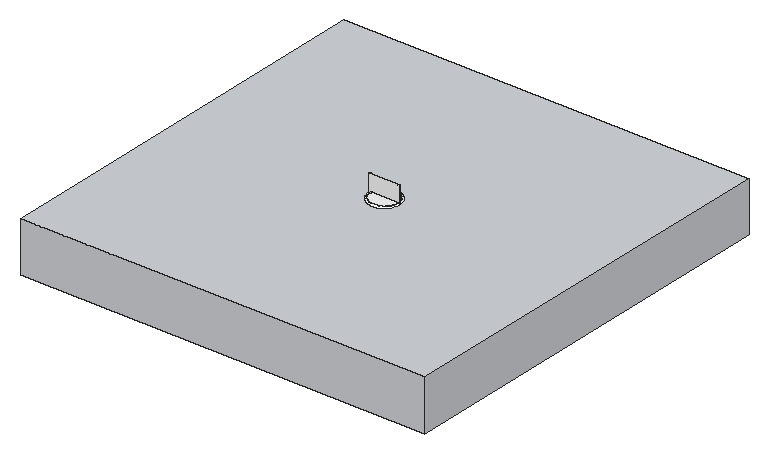
Revit family "URA_Eclairage_de_Securite_Practice_Practice_Evolution", category Luminaires, Revit 2020 (continued)
Definition of nested family "168173_Extincteur"
  Lines and regions (mm)
    model lines, in view "Niveau de réf."
      curve 54: arc (28.569, -30.346, 0) -> (36.242, -32.178, 0) -> (43.89, -30.24, 0) r 16.513
      curve 55: arc (45.363, -36.225, 0) -> (30.802, -35.427, 0) -> (17.817, -28.788, 0) r 35.155
      curve 56: arc (17.817, -28.788, 0) -> (22.334, -36.989, 0) -> (30.083, -42.246, 0) r 20.052
      curve 57: arc (30.083, -42.246, 0) -> (37.613, -44.088, 0) -> (45.363, -44.323, 0) r 37.063
      curve 58: line (45.363, -3.036, 0) -> (45.363, 5.994, 0)
      curve 59: line (-47.814, 53, 0) -> (47.814, 53, 0)
      curve 60: line (53.664, 47.15, 0) -> (53.664, -47.15, 0)
      curve 61: line (47.814, -53, 0) -> (-47.814, -53, 0)
      curve 62: line (-53.664, -47.15, 0) -> (-53.664, 47.15, 0)
      curve 63: line (45.357, -24.315, 0) -> (45.357, -15.667, 0)
      curve 64: line (45.363, -44.323, 0) -> (45.363, -36.225, 0)
Definition of nested family "1681808_Porte Pictogramme"
  Reference planes
    plane 1 "Centre (avant/arrière)": y = 0
    plane 2: z = 0
    plane 3 "Centre (gauche/droite)": x = 0
  Lines and regions (mm)
    Filled region 1, type "NOIR", in view "Niveau de réf."
      outline origin (0, 0, 0) x (1, 0, 0) y (0, 1, 0)
        loop
          line (103, 52.5) -> (-103, 52.5) -> (-103, -52.5) -> (103, -52.5) -> (103, 52.5)
        loop
          line (98, 47.5) -> (-98, 47.5) -> (-98, -47.5) -> (98, -47.5) -> (98, 47.5)
    model lines, in view "Niveau de réf."
      curve 1: line (103, -52.5, 0) -> (103, 52.5, 0)
      curve 2: line (103, 52.5, 0) -> (-103, 52.5, 0)
      curve 3: line (-103, 52.5, 0) -> (-103, -52.5, 0)
      curve 4: line (-103, -52.5, 0) -> (103, -52.5, 0)
    detail lines, in view "Niveau de réf."
      curve 5: line (98, 47.5, 0) -> (-98, 47.5, 0)
      curve 6: line (-98, 47.5, 0) -> (-98, -47.5, 0)
      curve 7: line (-98, -47.5, 0) -> (98, -47.5, 0)
      curve 8: line (98, -47.5, 0) -> (98, 47.5, 0)
Definition of nested family "168150_E FHo"
  Reference planes
    plane 1 "Centre (avant/arrière)": y = 0
    plane 2: z = 0
    plane 3 "Centre (gauche/droite)": x = 0
  Lines and regions (mm)
    Filled region 1, type "Vert", in view "Niveau de réf."
      outline origin (0, 0, 0) x (1, 0, 0) y (0, 1, 0)
        loop
          line (103, 52.5) -> (-103, 52.5) -> (-103, -52.5) -> (103, -52.5) -> (103, 52.5)
        loop
          line (-55.764, -17.192) -> (-54.258, -2.924)
          arc (-54.258, -2.924) -> (-53.67, -0.127) -> (-52.526, 2.492) r 14.01
          line (-52.526, 2.492) -> (-46.619, 13.858) -> (-54.969, 13.858) -> (-61.32, 4.268)
          arc (-61.32, 4.268) -> (-63.003, 3.286) -> (-64.91, 3.681) r 2.72
          arc (-64.91, 3.681) -> (-66.064, 5.25) -> (-65.874, 7.188) r 2.72
          line (-65.874, 7.188) -> (-58.609, 18.22)
          arc (-58.609, 18.22) -> (-56.855, 19.498) -> (-54.744, 19.996) r 5.487
          line (-54.744, 19.996) -> (-39.865, 19.996)
          arc (-39.865, 19.996) -> (-34.742, 18.943) -> (-30.449, 15.956) r 12.993
          line (-30.449, 15.956) -> (-23.876, 6.544) -> (-18.037, 6.544) -> (-18.037, 39.828) -> (-69.649, 39.828) -> (-69.649, -17.729) -> (-56.361, -17.729)
          arc (-56.361, -17.729) -> (-55.959, -17.575) -> (-55.764, -17.192) r 0.6
        loop
          line (-33.545, 9.289) -> (-38.719, -1.401)
          arc (-38.719, -1.401) -> (-39.127, -3.31) -> (-38.608, -5.191) r 4.103
          line (-38.608, -5.191) -> (-25.689, -36.865) -> (-25.689, -42.797) -> (-18.037, -42.797) -> (-18.037, 0.323) -> (-24.378, 0.323)
          arc (-24.378, 0.323) -> (-25.524, 0.582) -> (-26.448, 1.308) r 2.667
          line (-26.448, 1.308) -> (-32.608, 9.289)
          arc (-32.608, 9.289) -> (-33.076, 9.519) -> (-33.545, 9.289) r 0.591
        loop
          line (-46.988, -8.295) -> (-49.44, -22.395)
          arc (-49.44, -22.395) -> (-50.455, -23.804) -> (-52.106, -24.343) r 2.799
          line (-52.106, -24.343) -> (-69.649, -24.343) -> (-69.649, -42.797) -> (-32.438, -42.797) -> (-32.438, -36.837) -> (-45.784, -8.295)
          arc (-45.784, -8.295) -> (-45.993, -7.932) -> (-46.386, -7.789) r 0.611
          arc (-46.386, -7.789) -> (-46.78, -7.932) -> (-46.988, -8.295) r 0.611
        loop
          arc (-33.79, 21.259) -> (-29.968, 22.843) -> (-28.385, 26.665) r 5.406
          arc (-28.385, 26.665) -> (-29.968, 30.487) -> (-33.79, 32.071) r 5.406
          arc (-33.79, 32.071) -> (-37.613, 30.487) -> (-39.196, 26.665) r 5.406
          arc (-39.196, 26.665) -> (-37.613, 22.843) -> (-33.79, 21.259) r 5.406
        loop
          line (53.057, 10.811) -> (8.402, 10.811) -> (8.402, -10.811) -> (53.057, -10.811) -> (35.43, -31.082) -> (62.458, -31.082) -> (89.486, 0) -> (62.458, 31.082) -> (35.43, 31.082) -> (53.057, 10.811)
    model lines, in view "Niveau de réf."
      curve 1: arc (-33.79, 32.071, 0) -> (-29.968, 30.487, 0) -> (-28.385, 26.665, 0) r 5.406
      curve 2: arc (-28.385, 26.665, 0) -> (-29.968, 22.843, 0) -> (-33.79, 21.259, 0) r 5.406
      curve 3: arc (-33.79, 21.259, 0) -> (-37.613, 22.843, 0) -> (-39.196, 26.665, 0) r 5.406
      curve 4: arc (-39.196, 26.665, 0) -> (-37.613, 30.487, 0) -> (-33.79, 32.071, 0) r 5.406
      curve 5: arc (-52.526, 2.492, 0) -> (-53.67, -0.127, 0) -> (-54.258, -2.924, 0) r 14.01
      curve 6: arc (-64.91, 3.681, 0) -> (-63.003, 3.286, 0) -> (-61.32, 4.268, 0) r 2.72
      curve 7: arc (-65.874, 7.188, 0) -> (-66.064, 5.25, 0) -> (-64.91, 3.681, 0) r 2.72
      curve 8: arc (-54.744, 19.996, 0) -> (-56.855, 19.498, 0) -> (-58.609, 18.22, 0) r 5.487
      curve 9: arc (-30.449, 15.956, 0) -> (-34.742, 18.943, 0) -> (-39.865, 19.996, 0) r 12.993
      curve 10: arc (-26.448, 1.308, 0) -> (-25.524, 0.582, 0) -> (-24.378, 0.323, 0) r 2.667
      curve 11: arc (-32.608, 9.289, 0) -> (-32.816, 9.458, 0) -> (-33.076, 9.519, 0) r 0.591
      curve 12: arc (-33.076, 9.519, 0) -> (-33.337, 9.458, 0) -> (-33.545, 9.289, 0) r 0.591
      curve 13: arc (-38.719, -1.401, 0) -> (-39.127, -3.31, 0) -> (-38.608, -5.191, 0) r 4.103
      curve 14: arc (-45.784, -8.295, 0) -> (-45.993, -7.932, 0) -> (-46.386, -7.789, 0) r 0.611
      curve 15: arc (-46.386, -7.789, 0) -> (-46.78, -7.932, 0) -> (-46.988, -8.295, 0) r 0.611
      curve 16: arc (-52.106, -24.343, 0) -> (-50.455, -23.804, 0) -> (-49.44, -22.395, 0) r 2.799
      curve 17: line (-55.764, -17.192, 0) -> (-54.258, -2.924, 0)
      curve 18: line (-52.526, 2.492, 0) -> (-46.619, 13.858, 0)
      curve 19: line (-46.619, 13.858, 0) -> (-54.969, 13.858, 0)
      curve 20: line (-54.969, 13.858, 0) -> (-61.32, 4.268, 0)
      curve 21: line (-65.874, 7.188, 0) -> (-58.609, 18.22, 0)
      curve 22: line (-54.744, 19.996, 0) -> (-39.865, 19.996, 0)
      curve 23: line (-30.449, 15.956, 0) -> (-23.876, 6.544, 0)
      curve 24: line (-23.876, 6.544, 0) -> (-18.037, 6.544, 0)
      curve 25: line (-18.037, 6.544, 0) -> (-18.037, 39.828, 0)
      curve 26: line (-18.037, 39.828, 0) -> (-69.649, 39.828, 0)
      curve 27: line (-52.106, -24.343, 0) -> (-69.649, -24.343, 0)
      curve 28: line (-69.649, -24.343, 0) -> (-69.649, -42.797, 0)
      curve 29: line (-69.649, -42.797, 0) -> (-32.438, -42.797, 0)
      curve 30: line (-18.037, -42.797, 0) -> (-18.037, 0.323, 0)
      curve 31: line (-18.037, 0.323, 0) -> (-24.378, 0.323, 0)
      curve 32: line (-26.448, 1.308, 0) -> (-32.608, 9.289, 0)
      curve 33: line (-33.545, 9.289, 0) -> (-38.719, -1.401, 0)
      curve 34: line (-38.608, -5.191, 0) -> (-25.689, -36.865, 0)
      curve 35: line (-32.438, -36.837, 0) -> (-45.784, -8.295, 0)
      curve 36: line (-46.988, -8.295, 0) -> (-49.44, -22.395, 0)
      curve 37: line (-69.649, -17.729, 0) -> (-56.361, -17.729, 0)
      curve 38: line (89.486, 0, 0) -> (62.458, 31.082, 0)
      curve 39: line (62.458, 31.082, 0) -> (35.43, 31.082, 0)
      curve 40: line (35.43, 31.082, 0) -> (53.057, 10.811, 0)
      curve 41: line (53.057, 10.811, 0) -> (8.402, 10.811, 0)
      curve 42: line (8.402, 10.811, 0) -> (8.402, -10.811, 0)
      curve 43: line (8.402, -10.811, 0) -> (53.057, -10.811, 0)
      curve 44: line (53.057, -10.811, 0) -> (35.43, -31.082, 0)
      curve 45: line (35.43, -31.082, 0) -> (62.458, -31.082, 0)
      curve 46: line (62.458, -31.082, 0) -> (89.486, 0, 0)
      curve 47: line (103, -52.5, 0) -> (103, 52.5, 0)
      curve 48: line (103, 52.5, 0) -> (-103, 52.5, 0)
      curve 49: line (-103, 52.5, 0) -> (-103, -52.5, 0)
      curve 50: line (-103, -52.5, 0) -> (103, -52.5, 0)
      curve 51: line (-69.649, -17.729, 0) -> (-69.649, 39.828, 0)
      curve 52: line (-32.438, -36.837, 0) -> (-32.438, -42.797, 0)
      curve 53: line (-25.689, -36.865, 0) -> (-25.689, -42.797, 0)
      curve 54: line (-25.689, -42.797, 0) -> (-18.037, -42.797, 0)
    detail lines, in view "Niveau de réf."
      curve 55: arc (-56.361, -17.729, 0) -> (-55.959, -17.575, 0) -> (-55.764, -17.192, 0) r 0.6
  Dimensions and locks
    aligned and locked: Filled region 1 sketch curve to curve 41
    aligned and locked: Filled region 1 sketch curve to curve 42
    aligned and locked: Filled region 1 sketch curve to curve 43
    aligned and locked: Filled region 1 sketch curve to curve 44
    aligned and locked: Filled region 1 sketch curve to curve 45
    aligned and locked: Filled region 1 sketch curve to curve 46
    aligned and locked: Filled region 1 sketch curve to curve 38
    aligned and locked: Filled region 1 sketch curve to curve 39
    aligned and locked: Filled region 1 sketch curve to curve 40
Types (23, lengths in mm): name | TYPE_DE_TENSION | TYPE_DE_MONTAGE | TYPE_DE_COMMUTATION | TENSION_NOMINALE_(MIN) | TENSION_NOMINALE_(MAX) | RESERVE_DE_MARCHE | REF_BATTERIE_DE_RECHANGE | REFERENCE_ARTICLE | PUISSANCE_DE_LA_LAMPE | PROFONDEUR_D'ENCASTREMENT | MATERIAU_DU_COUVERCLE | LONGUEUR_D'ENCASTREMENT | LONGUEUR | LARGEUR_DE_MONTAGE | LARGEUR | INSTALLATION_DE_SURVEILLANCE | HAUTEUR/PROFONDEUR | FORMAT_PRODUIT | FONCTION | FLUX_LUMINEUX_EN_MODE_D'URGENCE | ETAT_DES_ACCUS | DISTANCE_DE_RECONNAISSANCE | DIAMETRE_D'ENCASTREMENT | DESIGNATION_ARTICLE | CATEGORIE_PRODUIT | ALIMENTATION | ADAPTE_AU_TYPE_DE_MARQUAGE
  BAES PRACTICE EVAC SUPER SATI | "CA" | "encastré" | "mode veille" | "207" | "253" | "1" | "111906" | 119118 | "0.5" | "61.5" | "plastique transparent" | "152" | "240" | "152" | "187" | "auto-test automatique" | "202" | "rond" | "Evac" | "45" | "NiCd" | "15" | "152" | "BAES PRACTICE EVAC SUPER SATI" | "Autonome" | "décentralisé (batterie individuelle)" | "feuillet/plaque inséré(e)"
  BAES PRACTICE EVAC ADR | "CA" | "encastré" | "mode veille" | "207" | "253" | "1" | "111906" | 119119 | "0.5" | "61.5" | "plastique transparent" | "152" | "240" | "152" | "187" | "auto-test automatique" | "202" | "rond" | "Evac" | "45" | "NiCd" | "15" | "152" | "BAES PRACTICE EVAC ADR" | "Autonome" | "décentralisé (batterie individuelle)" | "feuillet/plaque inséré(e)"
  BAES PRACTICE AMB SUPER SATI | "CA" | "encastré" | "mode veille" | "207" | "253" | "1" | "2*111908" | 119128 | "4" | "61.5" | "plastique transparent" | "152" | "187" | "152" | "187" | "auto-test automatique" | "75" | "rond" | "Amb" | "320" | "NiMh" | "15" | "152" | "BAES PRACTICE AMB SUPER SATI" | "Autonome" | "décentralisé (batterie individuelle)" | ""
  BAES PRACTICE AMBIANCE ADR | "CA" | "encastré" | "mode veille" | "207" | "253" | "1" | "2*111908" | 119129 | "4" | "61.5" | "plastique transparent" | "152" | "187" | "152" | "187" | "auto-test automatique" | "75" | "rond" | "Amb" | "320" | "NiMh" | "15" | "152" | "BAES PRACTICE AMBIANCE ADR" | "Autonome" | "décentralisé (batterie individuelle)" | ""
  PRACTICE habitation SUPER SATI | "CA" | "montage en saillie au plafond" | "circuit permanent/circuit de secours" | "207" | "253" | "1" | "111906" | 119138 | "0.8" | "" | "verre transparent" | "" | "240" | "" | "" | "auto-test automatique" | "202" | "rectangle" | "BAEH" | "8" | "NiCd" | "" | "" | "PRACTICE habitation SUPER SATI" | "Autonome" | "central (batterie centrale)" | "autocollant"
  PRACTICE DFM (BAES+BAEH) SUPER SATI | "CA" | "montage en saillie au plafond" | "circuit permanent/circuit de secours" | "207" | "253" | "1" | "2*111906" | 119148 | "4.5" | "" | "verre transparent" | "" | "240" | "" | "" | "auto-test automatique" | "202" | "rectangle" | "BAES+BAEH" | "45" | "NiCd" | "" | "" | "PRACTICE DFM (BAES+BAEH) SUPER SATI" | "Autonome" | "central (batterie centrale)" | "autocollant"
  PRACTICE DFM (BAES+BAEH) ADR | "CA" | "montage en saillie au plafond" | "circuit permanent/circuit de secours" | "207" | "253" | "1" | "2*111906" | 119149 | "4.5" | "" | "verre transparent" | "" | "240" | "" | "" | "auto-test automatique" | "202" | "rectangle" | "BAES+BAEH" | "45" | "NiCd" | "" | "" | "PRACTICE DFM (BAES+BAEH) ADR" | "Autonome" | "central (batterie centrale)" | "autocollant"
  BAES + DBR PRACTICE SATI | "CA" | "encastré" | "mode veille" | "207" | "253" | "1" | "111901" | 119157 | "1" | "61.5" | "plastique transparent" | "152" | "240" | "152" | "187" | "auto-test automatique" | "202" | "rond" | "DBR" | "45" | "NiCd" | "15" | "152" | "BAES + DBR PRACTICE SATI" | "Autonome" | "décentralisé (batterie individuelle)" | "feuillet/plaque inséré(e)"
  BAES + DBR PRACTICE ADR | "CA" | "encastré" | "mode veille" | "207" | "253" | "1" | "111901" | 119159 | "1" | "61.5" | "plastique transparent" | "152" | "240" | "152" | "187" | "auto-test automatique" | "202" | "rond" | "DBR" | "45" | "NiCd" | "15" | "152" | "BAES + DBR PRACTICE ADR" | "Autonome" | "décentralisé (batterie individuelle)" | "feuillet/plaque inséré(e)"
  BAES PRACTICE EVO EVAC S.SATI | "CA" | "encastré" | "mode veille" | "207" | "253" | "1" | "111906" | 119818 | "0.5" | "61.5" | "plastique transparent" | "152" | "187" | "152" | "187" | "auto-test automatique" | "75" | "rond" | "Evac" | "45" | "NiCd" | "15" | "152" | "BAES PRACTICE EVO EVAC S.SATI" | "Autonome" | "décentralisé (batterie individuelle)" | "plaque en verre acrylique"
  BAES PRACTICE EVO EVAC ADR | "CA" | "encastré" | "mode veille" | "207" | "253" | "1" | "111906" | 119819 | "0.5" | "61.5" | "plastique transparent" | "152" | "187" | "152" | "187" | "auto-test automatique" | "75" | "rond" | "Evac" | "45" | "NiCd" | "15" | "152" | "BAES PRACTICE EVO EVAC ADR" | "Autonome" | "décentralisé (batterie individuelle)" | "plaque en verre acrylique"
  BAES PRACTICE EVO AMB S.SATI | "CA" | "encastré" | "mode veille" | "207" | "253" | "1" | "2*111908" | 119828 | "4" | "61.5" | "plastique transparent" | "152" | "187" | "152" | "187" | "auto-test automatique" | "75" | "rond" | "Amb" | "320" | "NiMh" | "15" | "152" | "BAES PRACTICE EVO AMB S.SATI" | "Autonome" | "décentralisé (batterie individuelle)" | ""
  PRACTICE EVOLUTION habitation SUPER SATI | "CA" | "montage en saillie au plafond" | "circuit permanent/circuit de secours" | "207" | "253" | "1" | "111906" | 119838 | "0.8" | "" | "verre transparent" | "" | "240" | "" | "" | "auto-test automatique" | "202" | "rectangle" | "BAEH" | "8" | "NiCd" | "" | "" | "PRACTICE EVOLUTION habitation SUPER SATI" | "Autonome" | "central (batterie centrale)" | "autocollant"
  PRACTICE EVOLUTION DFM (BAES+BAEH) SUPER SATI | "CA" | "montage en saillie au plafond" | "circuit permanent/circuit de secours" | "207" | "253" | "1" | "2*111906" | 119848 | "4.5" | "" | "verre transparent" | "" | "240" | "" | "" | "auto-test automatique" | "202" | "rectangle" | "BAES+BAEH" | "45" | "NiCd" | "" | "" | "PRACTICE EVOLUTION DFM (BAES+BAEH) SUPER SATI" | "Autonome" | "central (batterie centrale)" | "autocollant"
  BAES + BAEH PRACTICE EV S.SATI | "CA" | "encastré" | "mode veille" | "207" | "253" | "1" | "111901" | 119857 | "1" | "61.5" | "plastique transparent" | "152" | "187" | "152" | "187" | "auto-test automatique" | "75" | "rond" | "DBR" | "45" | "NiCd" | "15" | "152" | "BAES + BAEH PRACTICE EV S.SATI" | "Autonome" | "décentralisé (batterie individuelle)" | "plaque en verre acrylique"
  BAES + DBR PRACTICE EVO SATI | "CA/CC" | "encastré" | "circuit permanent/circuit de secours" | "110" | "230" | "" | "" | 129114 | "1" | "61.5" | "plastique transparent" | "152" | "240" | "152" | "187" | "auto-test automatique" | "202" | "rond" | "Evac" | "45" | "non applicable" | "15" | "152" | "BAES + DBR PRACTICE EVO SATI" | "LSC" | "central (batterie centrale)" | "feuillet/plaque inséré(e)"
  LSC PRACTICE EVAC 110/220/230 | "CC" | "encastré" | "circuit permanent/circuit de secours" | "24" | "48" | "" | "" | 129115 | "1" | "61.5" | "plastique transparent" | "152" | "240" | "152" | "187" | "auto-test automatique" | "202" | "rond" | "Amb" | "45" | "non applicable" | "15" | "152" | "LSC PRACTICE EVAC 110/220/230" | "LSC" | "central (batterie centrale)" | "feuillet/plaque inséré(e)"
  LSC PRACTICE EVACUATION 24/48 | "CA/CC" | "encastré" | "circuit permanent/circuit de secours" | "110" | "230" | "" | "" | 129124 | "4" | "61.5" | "plastique transparent" | "152" | "187" | "152" | "187" | "auto-test automatique" | "75" | "rond" | "Amb" | "320" | "non applicable" | "15" | "152" | "LSC PRACTICE EVACUATION 24/48" | "LSC" | "central (batterie centrale)" | ""
  LSC PRACTICE AMB 110/220/230 | "CC" | "encastré" | "circuit permanent/circuit de secours" | "24" | "48" | "" | "" | 129125 | "4" | "61.5" | "plastique transparent" | "152" | "187" | "152" | "187" | "auto-test automatique" | "75" | "rond" | "Amb" | "320" | "non applicable" | "15" | "152" | "LSC PRACTICE AMB 110/220/230" | "LSC" | "central (batterie centrale)" | ""
  LSC PRACTICE AMBIANCE 24/48 | "CA/CC" | "encastré" | "circuit permanent/circuit de secours" | "110" | "230" | "" | "" | 129814 | "1" | "61.5" | "plastique transparent" | "152" | "187" | "152" | "187" | "auto-test automatique" | "75" | "rond" | "Evac" | "45" | "non applicable" | "15" | "152" | "LSC PRACTICE AMBIANCE 24/48" | "LSC" | "central (batterie centrale)" | "plaque en verre acrylique"
  LSC PRACTICE EVO EVAC 110/230 | "CC" | "montage en saillie au plafond" | "circuit permanent/circuit de secours" | "24" | "48" | "1" | "" | 129815 | "4.5" | "" | "plastique structuré" | "" | "240" | "" | "" | "sans" | "202" | "rectangle" | "Evac" | "45" | "non applicable" | "" | "" | "LSC PRACTICE EVO EVAC 110/230" | "LSC" | "central (batterie centrale)" | ""
  LSC PRACTICE EVOLUTION ambiance 110/220 VDC et 230 VAC | "CA" | "montage en saillie au plafond" | "circuit permanent/circuit de secours" | "207" | "253" | "1" | "" | 129824 | "32" | "" | "plastique structuré" | "" | "240" | "" | "" | "sans" | "202" | "rectangle" | "Amb" | "320" | "non applicable" | "" | "" | "LSC PRACTICE EVOLUTION ambiance 110/220 VDC et 230 VAC" | "LSC" | "central (batterie centrale)" | ""
  LSC PRACTICE EVOLUTION ambiance 24/48 VDC | "CC" | "montage en saillie au plafond" | "circuit permanent/circuit de secours" | "24" | "48" | "1" | "" | 129825 | "32" | "" | "plastique structuré" | "" | "240" | "" | "" | "sans" | "202" | "rectangle" | "Amb" | "320" | "non applicable" | "" | "" | "LSC PRACTICE EVOLUTION ambiance 24/48 VDC" | "LSC" | "central (batterie centrale)" | ""
